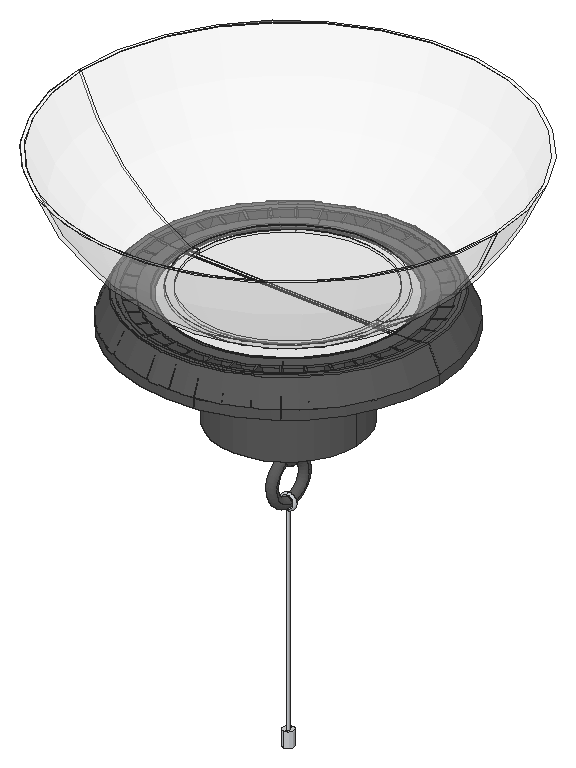
Revit family "0039366+0039358 Sylvania Lighting Fixture START HighBay IP65 DALI 19000lm 840 WB with PC LAMPSHADE TRANSPARENT 13 19KLM pendant", category Lighting Fixtures, host Face, Revit 2017
Family settings
  Host = Face
  Round Connector Dimension = Use Diameter
  Part Type = Normal
  OmniClass Number = 23.80.70.00
  OmniClass Title = Lighting
  Cut with Voids When Loaded = No
  Light Source = Yes
  Shared = No
  Room Calculation Point = No
Parameters (values of type "0039366+0039358 START HighBay IP65 DALI 19000lm 840 WB with PC LAMPSHADE TRANSPARENT 13/19KLM")
  WidthStraight_FEILO = if(SizeS_FEILO, 3 mm, if(SizeM_FEILO, 4 mm, 4.7 mm))  # 4 mm
  WidthRingChamfer_FEILO = if(SizeS_FEILO, 10.3 mm, if(SizeM_FEILO, 11.2 mm, 12.9 mm))  # 11.2 mm
  WidthCurved_FEILO = if(SizeS_FEILO, 17.4 mm, if(SizeM_FEILO, 16.4 mm, 26.2 mm))  # 16.4 mm
  WidthCurvedRing_FEILO = if(SizeS_FEILO, 3 mm, if(SizeM_FEILO, 4 mm, 4.7 mm))  # 4 mm
  WidthBracket_FEILO = 40 mm
  Weight = "3.4 kg"
  Wattage Comments = ""
  Wattage = 150 W
  WarrantyStartDate [instance] = "n/a"
  WarrantyGuarantorParts = "n/a"
  WarrantyDurationUnit = "n/a"
  WarrantyDurationParts = "n/a"
  WarrantyDescription = "n/a"
  built-in parameter 1150110 = 1 (stored number, unit not read)
  Voltage = 0 V
  VisibilityBracket_FEILO = no
  URL = "http://www.sylvania-lighting.com"
  TypeName = "START HighBay IP65 DALI 19000lm 840 WB with PC LAMPSHADE TRANSPARENT 13/19KLM"
  Type Image = <None>
  Type Comments = "n/a"
  built-in parameter 1114217 = 1 (stored number, unit not read)
  Tilt Angle = -90.00°
  ThicknessWall_FEILO = 1.5 mm
  ThicknessBracket_FEILO = 1.5 mm
  ThicknessBracketHalf_FEILO = ThicknessBracket_FEILO / 2  # 0.75 mm
  built-in parameter 1150109 = 1 (stored number, unit not read)
  built-in parameter 1150134 = 1
  SuspensionHeight_FEILO [instance] = 400 mm
  built-in parameter 1150113 = 1 (stored number, unit not read)
  SizeS_FEILO = no
  SizeM_FEILO = yes
  ShadeThickness_FEILO = 3 mm
  ShadeSizeSM_FEILO = or(SizeS_FEILO, SizeM_FEILO)  # yes
  ShadeRadiusOut_FEILO = 205 mm
  ShadeRadiusIn_FEILO = if(ShadeSizeSM_FEILO, 95 mm, 121 mm)  # 95 mm
  ShadeRadiusBend_FEILO = if(ShadeSizeSM_FEILO, 210 mm, 210 mm)  # 210 mm
  ShadeHeight_FEILO = if(ShadeSizeSM_FEILO, 120 mm, 151 mm)  # 120 mm
  SerialNumber [instance] = "n/a"
  Rib4_FEILO = if(SizeS_FEILO, 18.1 mm, if(SizeM_FEILO, 13.6 mm, 14.6 mm))  # 13.6 mm
  Rib3_FEILO = if(SizeS_FEILO, 15.3 mm, if(SizeM_FEILO, 17.6 mm, 20.2 mm))  # 17.6 mm
  Rib2_FEILO = if(SizeS_FEILO, 3.6 mm, if(SizeM_FEILO, 3.9 mm, 4.5 mm))  # 3.9 mm
  Rib1_FEILO = if(SizeS_FEILO, 15.1 mm, if(SizeM_FEILO, 16.5 mm, 19 mm))  # 16.5 mm
  RadiusDiffuser_FEILO = if(SizeS_FEILO, 95.2 mm, if(SizeM_FEILO, 105.3 mm, 120 mm))  # 105.3 mm
  RadiusArrayPost_FEILO = DriverRadius_FEILO - 6 mm  # 61.2 mm
  RHRadius3_FEILO = if(SizeS_FEILO, 6.6 mm, if(SizeM_FEILO, 7.4 mm, 8.6 mm))  # 7.4 mm
  RHRadius2_FEILO = if(SizeS_FEILO, 11 mm, if(SizeM_FEILO, 12 mm, 14 mm))  # 12 mm
  RHRadius1_FEILO = if(SizeS_FEILO, 13.6 mm, if(SizeM_FEILO, 14.9 mm, 17.7 mm))  # 14.9 mm
  RHHeight4_FEILO = if(SizeS_FEILO, 7.3 mm, if(SizeM_FEILO, 8 mm, 9.2 mm))  # 8 mm
  RHHeight3_FEILO = if(SizeS_FEILO, 3.6 mm, if(SizeM_FEILO, 3.7 mm, 4.6 mm))  # 3.7 mm
  RHHeight2_FEILO = if(SizeS_FEILO, 2 mm, if(SizeM_FEILO, 2.2 mm, 2.6 mm))  # 2.2 mm
  RHHeight1_FEILO = if(SizeS_FEILO, 11.8 mm, if(SizeM_FEILO, 15.3 mm, 17.4 mm))  # 15.3 mm
  Photometric Web File = "0039366+0039358.ies"
  Material_5_FEILO = Shade-Sylvania-StartHighbay-PC
  Material_3_FEILO = LED-Sylvania-StartHighbay-Glow
  PowerFactor = 0.95
  PowerConsumption = "150 W"
  NominalLength = 296 mm
  NominalHeight = 172 mm
  NominalDepth = 296 mm
  Name = "START HighBay IP65 DALI 19000lm 840 WB with PC LAMPSHADE TRANSPARENT 13/19KLM"
  ModelReference = Name  # "START HighBay IP65 DALI 19000lm 840 WB with PC LAMPSHADE TRANSPARENT 13/19KLM"
  ModelNumber = "0039366+0039358"
  Model = Name  # "START HighBay IP65 DALI 19000lm 840 WB with PC LAMPSHADE TRANSPARENT 13/19KLM"
  Material = "aluminium alloy housing, polycarbonate diffuser"
  ManufacturerName = "Feilo Sylvania"
  Manufacturer = "Feilo Sylvania"
  LuminousEfficacy = "130 lm/W"
  built-in parameter 1150105 = 26356.9 (stored number, unit not read)
  Lumens = 19500 lm
  LuminaireType = ""
  built-in parameter 1150115 = 1 (stored number, unit not read)
  LightOutputRatio = "n/a"
  built-in parameter 1150137 = (empty or 0)
  built-in parameter 1150139 = (empty or 0)
  LampsType = Lamp  # "LED"
  LampNominalLuminous = "19500 lm"
  LampMacAdamStep = "6"
  LampColourTemperature = "6500 K"
  LampColourRenderingIndex = "80"
  built-in parameter 1150112 = 1 (stored number, unit not read)
  built-in parameter 1150114 = 1 (stored number, unit not read)
  Lamp = "LED"
  Keynote = "16500"
  InstallationDate [instance] = "n/a"
  InputVoltage = "n/a"
  InputNominalFrequency = "50/60 Hz"
  built-in parameter 1150132 = (empty or 0)
  built-in parameter 1150102 = (empty or 0)
  built-in parameter 1150107 = 6500 (stored number, unit not read)
  built-in parameter 1150138 = (empty or 0)
  IngressProtection = "IP65"
  ImpactProtectionIndex = "IK08"
  built-in parameter 1150106 = 263.57 (stored number, unit not read)
  IfcExportType = "IfcLightFixtureType"
  IfcExportAs = "IfcLightFixtureType"
  HeightRing_FEILO = if(SizeS_FEILO, 19.8 mm, if(SizeM_FEILO, 32 mm, 36.8 mm))  # 32 mm
  HeightRingChamfer_FEILO = if(SizeS_FEILO, 11.7 mm, if(SizeM_FEILO, 23.2 mm, 26.6 mm))  # 23.2 mm
  EyeThickness_FEILO = if(SizeS_FEILO, 8.4 mm, if(SizeM_FEILO, 9.2 mm, 10.5 mm))  # 9.2 mm
  EyeThicknessHalf_FEILO = EyeThickness_FEILO / 2  # 4.6 mm
  EyeInner_FEILO = if(SizeS_FEILO, 13.8 mm, if(SizeM_FEILO, 15.1 mm, 17.3 mm))  # 15.1 mm
  ExpectedLife = 50000
  Emit from Circle Diameter = RadiusDiffuser_FEILO * 2  # 210.6 mm
  Emit Shape Visible in Rendering = no
  ElectricShockClassification = "Class I"
  built-in parameter 1150104 = 12.077 (stored number, unit not read)
  DurationUnit = "hours"
  DriverVerticalStraight_FEILO = if(SizeS_FEILO, 46.5 mm, if(SizeM_FEILO, 49.7 mm, 57 mm))  # 49.7 mm
  DriverVerticalChamfer_FEILO = if(SizeS_FEILO, 7.5 mm, if(SizeM_FEILO, 8.2 mm, 9.5 mm))  # 8.2 mm
  DriverRadius_FEILO = if(SizeS_FEILO, 61.4 mm, if(SizeM_FEILO, 67.2 mm, 76.4 mm))  # 67.2 mm
  DriverRadiusTop_FEILO = if(SizeS_FEILO, 42 mm, if(SizeM_FEILO, 45.3 mm, 52.4 mm))  # 45.3 mm
  DriverBottom_FEILO = if(SizeS_FEILO, 56 mm, if(SizeM_FEILO, 64.5 mm, 74 mm))  # 64.5 mm
  DocumentationLiterature = "http://www.sylvania-lighting.com/product/en-int/products/0039366"
  DimmingControlOptions = "Dimmable"
  Material_2_FEILO = Diffuser-Sylvania-StartHighbay-Transparent
  Radius_FEILO = if(SizeS_FEILO, 135 mm, if(SizeM_FEILO, 148 mm, 169.5 mm))  # 148 mm
  Dimming Lamp Color Temperature Shift = <None>
  DiameterWire_FEILO = 3 mm
  DiameterWireSupport_FEILO = 10 mm
  Description = "START Highbay, includes 1 m cables, black aluminium housing, 19,500 Lm, 150 W, 130 Lm/W, 6500 K, drive current: 3300 mA, CRI 80, 90° beam angle, DALI dimmable, IP65, IK08, 50,000 hrs (L80/B50), (D x H) 296 x 172 mm."
  Default Elevation = 1219.2 mm
  CreatedOn = "5/15/2018"
  CreatedBy = ""
  Cost = 0
  Color Filter = 16777215
  built-in parameter 1114216 [instance] = (empty or 0)
  ClassificationValue = "EF_70_80"
  ClassificationName = "Uniclass2015"
  Material_1_FEILO = Body-Sylvania-StartHighbay-Black
  BarCode [instance] = "n/a"
  built-in parameter 1114218 = 1 (stored number, unit not read)
  built-in parameter 1150133 = 10 (stored number, unit not read)
  AssetType = "Fixed"
  AssetIdentifier [instance] = "n/a"
  Assembly Code = "D5020200"
  Apparent Load = 150 VA
  Material_4_FEILO = Shade-Sylvania-StartHighbay-PC
Reference planes
  plane 1 "Center (Front/Back)": y = 0
  plane 2: z = 0
  plane 3 "Center (Left/Right)": x = 0
  plane 4: z = 400
  plane 5: x = -148
  plane 6: x = -136.8
  plane 7: z = 376.8
  plane 8: z = 368
  plane 9: x = -132.8
  plane 10: z = 397.375
  plane 11: x = -116.4
  plane 12: x = -105.3
  plane 13: x = -128.8
  plane 14: z = 398.375
  plane 15: z = 396.375
  plane 16: x = -102.3
  plane 17: z = 395.375
  plane 18: x = -146.5
  plane 19: x = -131.5
  plane 20: z = 364.1
  plane 21: x = -113.9
  plane 22: z = 350.5
  plane 23: x = -20
  plane 24: z = 335.5
  plane 25: x = -67.2
  plane 26: z = 285.8
  plane 27: x = -45.3
  plane 28: z = 277.6
  plane 29: x = -14.9
  plane 30: z = 262.3
  plane 31: z = 260.1
  plane 32: x = -12
  plane 33: z = 256.4
  plane 34: z = 248.4
  plane 35: x = -7.4
  plane 36: z = 233.3
  plane 37: z = 218.2
  plane 38: x = 4.6
  plane 39: x = -4.6
  plane 40: z = 209
  plane 41: z = 213.6
  plane 42: x = -141.65
  plane 43: x = -145.5
  plane 44: z = 366.5
  plane 45: x = -135.3
  plane 46: z = 310.65
  plane 47: y = -20
  plane 48: y = 20
  plane 49: x = 148
  plane 50: x = 136.8
  plane 51: x = 146.5
  plane 52: x = 141.65
  plane 53: x = 145.5
  plane 54: x = 135.3
  plane 55: z = 221.2
  plane 56: y = 1.5
  plane 57: y = -1.5
  plane 58: z = 219.7
  plane 59: z = 207.5
  plane 60: z = 206
  plane 61: y = -5
  plane 62: y = 5
  plane 63: z = 14
  plane 64: x = -205
  plane 65: z = 520
  plane 66: x = -95
  plane 67: x = -87
  plane 68: x = -202
  plane 69: z = 403
Forms (mm)
  Revolve 1, solid, material "Body-Sylvania-StartHighbay-Black" <- "Material_1_FEILO", detail levels medium+fine
    sketch origin (0, 0, 0) x (1, 0, 0) y (0, 0, 1)
      loop
        line (-148, 368) -> (-146.5, 368) -> (-146.5, 376.457) -> (-136.402, 397.375) -> (-128.8, 397.375) -> (-128.8, 398.859)
        arc (-128.8, 398.859) -> (-130.811, 399.39) -> (-132.8, 400) r 52.543
        line (-132.8, 400) -> (-136.341, 400)
        arc (-136.341, 400) -> (-136.831, 399.825) -> (-137.099, 399.38) r 0.774
        line (-137.099, 399.38) -> (-148, 376.8) -> (-148, 368)
      axis (0, 400) -> (0, 368)
    angle from 360 to 0
  Revolve 2, solid, material "Body-Sylvania-StartHighbay-Black" <- "Material_1_FEILO", detail levels medium+fine
    sketch origin (0, 0, 0) x (1, 0, 0) y (0, 0, 1)
      loop
        line (-116.4, 395.375) -> (-105.3, 395.375) -> (-105.3, 376.8) -> (0, 376.8) -> (0, 395.375) -> (-102.3, 395.375) -> (-102.3, 396.375) -> (-105.3, 396.375) -> (-105.3, 397.375) -> (-116.4, 397.375) -> (-116.4, 395.375)
      axis (0, 397.375) -> (0, 376.8)
    angle from 360 to 0
  Revolve 3, solid, material "Diffuser-Sylvania-StartHighbay-Transparent" <- "Material_2_FEILO", detail levels medium+fine
    sketch origin (0, 0, 0) x (1, 0, 0) y (0, 0, 1)
      loop
        line (-105.3, 396.375) -> (0, 396.375) -> (0, 398.375) -> (-105.3, 398.375) -> (-105.3, 396.375)
      axis (0, 398.375) -> (0, 396.375)
    angle from 360 to 0
  Revolve 4, solid, material "Body-Sylvania-StartHighbay-Black" <- "Material_1_FEILO"
    sketch origin (0, 0, 0) x (1, 0, 0) y (0, 0, 1)
      loop
        line (-67.2, 350.5) -> (-67.2, 285.8) -> (-45.3, 277.6) -> (-14.9, 277.6) -> (-14.9, 262.3) -> (-12, 260.1) -> (-12, 256.4) -> (-7.837, 249.126)
        arc (-7.837, 249.126) -> (-7.29, 248.594) -> (-6.553, 248.4) r 1.5
        line (-6.553, 248.4) -> (0, 248.4) -> (0, 350.5) -> (-67.2, 350.5)
      axis (0, 350.5) -> (0, 248.4)
    angle from 360 to 0
  Revolve 5, solid, material "Body-Sylvania-StartHighbay-Black" <- "Material_1_FEILO"
    sketch origin (0, 0, 0) x (1, 0, 0) y (0, 0, 1)
      loop
        circle (0, 213.6) r 4.6
      axis (4.6, 233.3) -> (-4.6, 233.3)
    angle from 360 to 0
  Extrusion 6, solid, material "Body-Sylvania-StartHighbay-Black" <- "Material_1_FEILO", visible <- "VisibilityBracket_FEILO"
    sketch origin (0, 0, 0) x (1, 0, 0) y (0, 0, 1)
      loop
        line (-145.5, 368) -> (-145.5, 366.5) -> (-137.55, 366.5)
        arc (-137.55, 366.5) -> (-137.02, 366.28) -> (-136.8, 365.75) r 0.75
        line (-136.8, 365.75) -> (-136.8, 310.65) -> (-135.3, 310.65) -> (-135.3, 366.5)
        arc (-135.3, 366.5) -> (-135.739, 367.561) -> (-136.8, 368) r 1.5
        line (-136.8, 368) -> (-145.5, 368)
      loop
        line (145.5, 368) -> (136.8, 368)
        arc (136.8, 368) -> (135.739, 367.561) -> (135.3, 366.5) r 1.5
        line (135.3, 366.5) -> (135.3, 310.65) -> (136.8, 310.65) -> (136.8, 365.75)
        arc (136.8, 365.75) -> (137.02, 366.28) -> (137.55, 366.5) r 0.75
        line (137.55, 366.5) -> (145.5, 366.5) -> (145.5, 368)
    from -20 to 20
  Extrusion 7, void
    sketch origin (0, 0, 0) x (0, 1, 0) y (0, 0, 1)
      loop
        arc (-10, 310.65) -> (-17.071, 313.579) -> (-20, 320.65) r 10
        line (-20, 320.65) -> (-25, 320.65) -> (-25, 305.65) -> (-10, 305.65) -> (-10, 310.65)
      loop
        line (10, 310.65) -> (10, 305.65) -> (25, 305.65) -> (25, 320.65) -> (20, 320.65)
        arc (20, 320.65) -> (17.071, 313.579) -> (10, 310.65) r 10
    from -136.8 to 136.8
  Revolve 8, solid, material "Body-Sylvania-StartHighbay-Black" <- "Material_1_FEILO", detail levels coarse
    sketch origin (0, 0, 0) x (1, 0, 0) y (0, 0, 1)
      loop
        line (0, 400) -> (-136.8, 400) -> (-148, 376.8) -> (-148, 368) -> (-131.5, 368) -> (-131.5, 364.1) -> (-113.9, 350.5) -> (0, 350.5) -> (0, 400)
      axis (0, 400) -> (0, 350.5)
    angle from 360 to 0
  Revolve 9, solid
    sketch origin (0, 0, 0) x (0, 1, 0) y (0, 0, 1)
      loop
        circle (0, 219.7) r 1.5
      axis (1.5, 213.6) -> (-1.5, 213.6)
    angle from 360 to 0
  Revolve 10, solid
    sketch origin (0, 0, 0) x (0, 1, 0) y (0, 0, 1)
      loop
        line (0, 0) -> (0, 207.5) -> (-1.5, 207.5) -> (-1.5, 14) -> (-5, 14) -> (-5, 0) -> (0, 0)
      axis (0, 0) -> (0, 207.5)
    angle from 360 to 0
  Revolve 11, solid, material "Shade-Sylvania-StartHighbay-PC" <- "Material_4_FEILO"
    sketch origin (0, 0, 0) x (1, 0, 0) y (0, 0, 1)
      loop
        line (-95, 400) -> (-87, 400) -> (-87, 403) -> (-94.341, 403)
        arc (-94.341, 403) -> (-159.747, 450.78) -> (-201.81, 520) r 207
        line (-201.81, 520) -> (-205, 520)
        arc (-205, 520) -> (-162.101, 448.908) -> (-95, 400) r 210
      axis (0, 520) -> (0, 400)
    angle from 360 to 0
Cuts and joins
  Extrusion 7 cuts Extrusion 6
Lines and regions (mm)
  reference lines
    curve 1: line (-148, 0, 376.8) -> (-136.8, 0, 400)
    curve 2: line (-116.4, 0, 397.375) -> (0, 0, 397.375)
    curve 3: arc (-116.4, 0, 397.375) -> (-124.704, 0, 398.035) -> (-132.8, 0, 400) r 52.543
    curve 4: line (-136.8, 0, 400) -> (-132.8, 0, 400)
    curve 5: line (-136.402, 0, 397.375) -> (-146.5, 0, 376.457)
    curve 6: line (-131.5, 0, 364.1) -> (-113.9, 0, 350.5)
    curve 7: line (-12, 0, 256.4) -> (-7.4, 0, 248.4)
    curve 8: circle (0, 0, 213.6) r 4.6 normal (0, -1, 0)
    curve 9: arc (-95, 0, 400) -> (-162.101, 0, 448.908) -> (-205, 0, 520) r 210
Dimensions and locks
  "Radius_FEILO": plane 3 "Center (Left/Right)" to plane 5
  "WidthRingChamfer_FEILO": plane 6 to plane 5
  "WidthStraight_FEILO": plane 9 to plane 6
  "WidthCurvedRing_FEILO": plane 13 to plane 9
  locked: plane 10 to plane 15 at 1
  locked: plane 14 to plane 10 at 1
  locked: plane 4 to plane 10 at 2.625
  locked: plane 15 to plane 17 at 1
  "ThicknessWall_FEILO": plane 18 to plane 5
  "ThicknessWall_FEILO": curve 5 to curve 1
  "HeightRingChamfer_FEILO": plane 4 to plane 7
  "HeightRing_FEILO": plane 4 to plane 8
  "RadiusDiffuser_FEILO": plane 3 "Center (Left/Right)" to plane 12
  locked: plane 16 to plane 12 at 3
  "WidthCurved_FEILO": plane 11 to plane 9
  "SuspensionHeight_FEILO": plane 4 to plane 2
  "Rib1_FEILO": plane 19 to plane 5
  "Rib2_FEILO": plane 8 to plane 20
  "Rib3_FEILO": plane 21 to plane 19
  "Rib4_FEILO": plane 20 to plane 22
  locked: plane 3 "Center (Left/Right)" to plane 23 at 20
  "DriverBottom_FEILO": plane 4 to plane 24
  "DriverRadius_FEILO": plane 3 "Center (Left/Right)" to plane 25
  "DriverVerticalStraight_FEILO": plane 24 to plane 26
  "DriverRadiusTop_FEILO": plane 3 "Center (Left/Right)" to plane 27
  "DriverVerticalChamfer_FEILO": plane 26 to plane 28
  "RHRadius1_FEILO": plane 3 "Center (Left/Right)" to plane 29
  "RHHeight2_FEILO": plane 30 to plane 31
  "RHRadius2_FEILO": plane 3 "Center (Left/Right)" to plane 32
  "RHHeight3_FEILO": plane 31 to plane 33
  "RHHeight4_FEILO": plane 33 to plane 34
  "RHRadius3_FEILO": plane 3 "Center (Left/Right)" to plane 35
  "RHHeight1_FEILO": plane 28 to plane 30
  "EyeInner_FEILO": plane 34 to plane 36
  "EyeInner_FEILO": plane 36 to plane 37
  equal spacing: plane 38, plane 3 "Center (Left/Right)", plane 39
  "EyeThickness_FEILO": plane 38 to plane 39
  "EyeThickness_FEILO": plane 37 to plane 40
  equal spacing: plane 37, plane 41, plane 40
  equal spacing: plane 6, plane 42, plane 18
  "ThicknessBracket_FEILO": plane 45 to plane 6
  "ThicknessBracket_FEILO": plane 8 to plane 44
  locked: plane 43 to plane 18 at 1
  equal spacing: plane 24, plane 46, plane 26
  equal spacing: plane 47, plane 1 "Center (Front/Back)", plane 48
  "WidthBracket_FEILO": plane 47 to plane 48
  "WidthRingChamfer_FEILO": plane 50 to plane 49
  "ThicknessWall_FEILO": plane 51 to plane 49
  equal spacing: plane 50, plane 52, plane 51
  "ThicknessBracket_FEILO": plane 54 to plane 50
  locked: plane 53 to plane 51 at 1
  "Radius_FEILO": plane 49 to plane 3 "Center (Left/Right)"
  equal spacing: plane 57, imposter light, plane 56
  "DiameterWire_FEILO": plane 57 to plane 56
  "DiameterWire_FEILO": plane 37 to plane 55
  equal spacing: plane 37, plane 58, plane 55
  "DiameterWire_FEILO": plane 60 to plane 40
  equal spacing: plane 60, plane 59, plane 40
  equal spacing: plane 61, plane 1 "Center (Front/Back)", plane 62
  "DiameterWireSupport_FEILO": plane 61 to plane 62
  locked: plane 63 to plane 2 at 14
  "ShadeRadiusOut_FEILO": plane 3 "Center (Left/Right)" to plane 64
  "ShadeHeight_FEILO": plane 65 to plane 4
  "ShadeRadiusIn_FEILO": plane 3 "Center (Left/Right)" to plane 66
  locked: plane 67 to plane 66 at 8
  "ShadeThickness_FEILO": plane 69 to plane 4
  "ShadeThickness_FEILO": plane 68 to plane 64
  "EyeThicknessHalf_FEILO": radius of curve 8
  "ThicknessBracket_FEILO": radius of Extrusion 6 sketch curve  (x2)
  "ThicknessBracketHalf_FEILO": radius of Extrusion 6 sketch curve  (x2)
  "DiameterWire_FEILO": diameter of Revolve 9 sketch curve
  "ShadeRadiusBend_FEILO": radius of curve 9
  aligned and locked: plane 2 to host face
  aligned and locked: level to host face
  aligned and locked: plane 5 to curve 1
  aligned and locked: plane 6 to curve 1
  aligned and locked: plane 7 to curve 1
  aligned and locked: plane 10 to curve 2
  aligned and locked: plane 9 to curve 3
  aligned and locked: plane 4 to curve 3
  aligned and locked: plane 11 to curve 3
  aligned and locked: plane 4 to curve 4
  aligned and locked: plane 18 to curve 5
  aligned and locked: plane 10 to curve 5
  aligned and locked: Revolve 1 sketch curve to plane 3 "Center (Left/Right)"
  aligned and locked: Revolve 1 sketch curve to curve 3
  aligned and locked: Revolve 1 sketch curve to curve 1
  aligned and locked: plane 4 to Revolve 1 sketch curve
  aligned and locked: plane 9 to Revolve 1 sketch curve
  aligned and locked: Revolve 1 sketch curve to plane 13
  aligned and locked: Revolve 1 sketch curve to plane 10
  aligned and locked: plane 13 to Revolve 1 sketch curve
  aligned and locked: plane 10 to Revolve 1 sketch curve
  aligned and locked: Revolve 1 sketch curve to plane 18
  aligned and locked: Revolve 1 sketch curve to plane 8
  aligned and locked: plane 5 to Revolve 1 sketch curve  (x2)
  aligned and locked: Revolve 2 sketch curve to plane 3 "Center (Left/Right)"
  aligned and locked: plane 11 to Revolve 2 sketch curve
  aligned and locked: Revolve 2 sketch curve to curve 2
  aligned and locked: plane 15 to Revolve 2 sketch curve
  aligned and locked: Revolve 2 sketch curve to plane 16
  aligned and locked: plane 17 to Revolve 2 sketch curve  (x2)
  aligned and locked: Revolve 2 sketch curve to plane 12
  aligned and locked: plane 7 to Revolve 2 sketch curve
  aligned and locked: Revolve 3 sketch curve to plane 3 "Center (Left/Right)"
  aligned and locked: Revolve 3 sketch curve to plane 14
  aligned and locked: plane 3 "Center (Left/Right)" to Revolve 3 sketch curve
  aligned and locked: Revolve 3 sketch curve to plane 12
  aligned and locked: plane 15 to Revolve 3 sketch curve
  aligned and locked: Revolve 1 sketch curve to curve 5
  aligned and locked: plane 22 to curve 6
  aligned and locked: plane 21 to curve 6
  aligned and locked: plane 20 to curve 6
  aligned and locked: plane 19 to curve 6
  aligned and locked: plane 33 to curve 7
  aligned and locked: plane 32 to curve 7
  aligned and locked: plane 35 to curve 7
  aligned and locked: plane 34 to curve 7
  aligned and locked: Revolve 4 sketch curve to plane 3 "Center (Left/Right)"
  aligned and locked: Revolve 4 sketch curve to plane 25
  aligned and locked: plane 27 to Revolve 4 sketch curve
  aligned and locked: plane 28 to Revolve 4 sketch curve
  aligned and locked: plane 30 to Revolve 4 sketch curve
  aligned and locked: Revolve 4 sketch curve to plane 29
  aligned and locked: plane 31 to Revolve 4 sketch curve
  aligned and locked: Revolve 4 sketch curve to curve 7
  aligned and locked: Revolve 4 sketch curve to plane 32
  aligned and locked: plane 34 to Revolve 4 sketch curve
  aligned and locked: plane 3 "Center (Left/Right)" to Revolve 4 sketch curve
  aligned and locked: plane 3 "Center (Left/Right)" to curve 8
  aligned and locked: plane 41 to curve 8
  aligned and locked: Revolve 5 sketch curve to plane 36
  aligned and locked: Revolve 5 sketch curve to curve 8
  aligned and locked: plane 43 to Extrusion 6 sketch curve  (x2)
  aligned and locked: plane 8 to Extrusion 6 sketch curve  (x3)
  aligned and locked: Extrusion 6 sketch curve to plane 45
  aligned and locked: Extrusion 6 sketch curve to plane 46  (x2)
  aligned and locked: plane 6 to Extrusion 6 sketch curve
  aligned and locked: Extrusion 6 sketch curve to plane 44  (x2)
  aligned and locked: Extrusion 6 to plane 48
  aligned and locked: plane 47 to Extrusion 6
  aligned and locked: plane 53 to Extrusion 6 sketch curve
  aligned and locked: plane 50 to Extrusion 6 sketch curve
  aligned and locked: Extrusion 6 sketch curve to plane 54
  aligned and locked: Extrusion 7 sketch curve to Extrusion 7 sketch curve
  aligned and locked: Extrusion 7 to plane 6
  aligned and locked: Extrusion 7 to Extrusion 6
  aligned and locked: Revolve 4 sketch curve to plane 22
  aligned and locked: plane 23 to nested 1
  aligned and locked: plane 1 "Center (Front/Back)" to nested 1
  aligned and locked: Revolve 8 sketch curve to plane 3 "Center (Left/Right)"
  aligned and locked: Revolve 8 sketch curve to plane 4
  aligned and locked: plane 6 to Revolve 8 sketch curve
  aligned and locked: plane 4 to Revolve 8 sketch curve
  aligned and locked: plane 7 to Revolve 8 sketch curve
  aligned and locked: Revolve 8 sketch curve to plane 5
  aligned and locked: plane 8 to Revolve 8 sketch curve  (x2)
  aligned and locked: Revolve 8 sketch curve to plane 19
  aligned and locked: plane 20 to Revolve 8 sketch curve
  aligned and locked: plane 19 to Revolve 8 sketch curve
  aligned and locked: plane 21 to Revolve 8 sketch curve
  aligned and locked: plane 22 to Revolve 8 sketch curve  (x2)
  aligned and locked: Revolve 8 sketch curve to Revolve 8 sketch curve
  aligned and locked: imposter light to plane 4
  aligned and locked: plane 3 "Center (Left/Right)" to imposter light
  aligned and locked: imposter light to plane 1 "Center (Front/Back)"
  aligned and locked: Revolve 9 sketch curve to plane 41
  aligned and locked: Revolve 10 sketch curve to plane 1 "Center (Front/Back)"
  aligned and locked: plane 1 "Center (Front/Back)" to Revolve 10 sketch curve  (x2)
  aligned and locked: host face to Revolve 10 sketch curve
  aligned and locked: plane 63 to Revolve 10 sketch curve
  aligned and locked: Revolve 10 sketch curve to plane 61
  aligned and locked: Revolve 10 sketch curve to plane 57
  aligned and locked: plane 59 to Revolve 10 sketch curve
  aligned and locked: plane 64 to curve 9
  aligned and locked: plane 65 to curve 9
  aligned and locked: plane 66 to curve 9
  aligned and locked: plane 4 to curve 9
  aligned and locked: Revolve 11 sketch curve to curve 9
  aligned and locked: plane 67 to Revolve 11 sketch curve
  aligned and locked: plane 66 to Revolve 11 sketch curve
  aligned and locked: plane 65 to Revolve 11 sketch curve  (x2)
  aligned and locked: Revolve 11 sketch curve to plane 67
  aligned and locked: plane 69 to Revolve 11 sketch curve
Automatic sketch dimensions
  host sketch curve to host sketch curve = 2438.4 mm  (x2)
  Revolve 1 sketch curve to plane 6 = 0.299 mm
  plane 6 to Revolve 1 sketch curve = 0.459 mm
  Revolve 1 sketch curve to level = 609.6 mm
  Revolve 1 sketch curve to Revolve 1 sketch curve = 2312.223 mm
  Revolve 2 sketch curve to plane 12 = 0 mm
  Revolve 2 sketch curve to plane 3 "Center (Left/Right)" = 0 mm
  Revolve 2 sketch curve to level = 609.6 mm
  Revolve 2 sketch curve to plane 4 = 2339.058 mm
  Revolve 3 sketch curve to level = 609.6 mm
  Revolve 3 sketch curve to plane 4 = 2339.058 mm
  Revolve 5 sketch curve to plane 5 = 1080 mm
  plane 38 to Revolve 5 sketch curve = 1219.2 mm
  Extrusion 7 sketch curve to plane 47 = 0 mm
  plane 46 to Extrusion 7 sketch curve = 0 mm  (x2)
  Extrusion 7 sketch curve to plane 48 = 0 mm
  plane 47 to Extrusion 7 sketch curve = 5 mm
  plane 1 "Center (Front/Back)" to Extrusion 7 sketch curve = 10 mm
  Extrusion 7 sketch curve to Extrusion 7 sketch curve = 10 mm
  plane 46 to Extrusion 7 sketch curve = 5 mm
  Extrusion 7 sketch curve to Extrusion 7 sketch curve = 5 mm
  Extrusion 7 sketch curve to plane 48 = 5 mm
  Revolve 4 sketch curve to plane 26 = 0 mm
  Revolve 4 sketch curve to plane 35 = 0.437 mm
  plane 35 to Revolve 4 sketch curve = 0.847 mm
  Revolve 4 sketch curve to plane 34 = 0.726 mm
  plane 40 to Revolve 4 sketch curve = 590.2 mm
  Revolve 4 sketch curve to plane 4 = 2339.058 mm
  Revolve 8 sketch curve to level = 609.6 mm
  Revolve 8 sketch curve to Revolve 8 sketch curve = 2386.058 mm
  Revolve 9 sketch curve to plane 1 "Center (Front/Back)" = 0 mm
  plane 58 to Revolve 9 sketch curve = 0 mm
  plane 47 to Revolve 9 sketch curve = 2534.941 mm
  Revolve 9 sketch curve to plane 48 = 2077.409 mm
  Revolve 10 sketch curve to Revolve 10 sketch curve = 609.6 mm
  Revolve 10 sketch curve to plane 4 = 2123.807 mm
  curve 2 to plane 3 "Center (Left/Right)" = 0 mm
  Revolve 11 sketch curve to Revolve 11 sketch curve = 0 mm  (x2)
  Revolve 11 sketch curve to plane 3 "Center (Left/Right)" = 0 mm
  plane 66 to Revolve 11 sketch curve = 0.659 mm
  Revolve 11 sketch curve to level = 609.6 mm
  Revolve 11 sketch curve to Revolve 11 sketch curve = 2068.248 mm
Nested families
  nested 1: "Start Highbay Rib" at (0, 0, 397.375), type "Type Name", detail levels medium+fine
    with SuspensionHeight_FEILO 2.6 mm
  nested 2: "Start Highbay Rib" at (0, 0, 397.375) x (0.9877, 0.1564, 0) z (0, 0, 1), type "Type Name", detail levels medium+fine
    with SuspensionHeight_FEILO 2.6 mm
  nested 3: "Start Highbay Rib" at (0, 0, 397.375) x (0.9511, 0.309, 0) z (0, 0, 1), type "Type Name", detail levels medium+fine
    with SuspensionHeight_FEILO 2.6 mm
  nested 4: "Start Highbay Rib" at (0, 0, 397.375) x (0.891, 0.454, 0) z (0, 0, 1), type "Type Name", detail levels medium+fine
    with SuspensionHeight_FEILO 2.6 mm
  nested 5: "Start Highbay Rib" at (0, 0, 397.375) x (0.809, 0.5878, 0) z (0, 0, 1), type "Type Name", detail levels medium+fine
    with SuspensionHeight_FEILO 2.6 mm
  nested 6: "Start Highbay Rib" at (0, 0, 397.375) x (0.7071, 0.7071, 0) z (0, 0, 1), type "Type Name", detail levels medium+fine
    with SuspensionHeight_FEILO 2.6 mm
  nested 7: "Start Highbay Rib" at (0, 0, 397.375) x (0.5878, 0.809, 0) z (0, 0, 1), type "Type Name", detail levels medium+fine
    with SuspensionHeight_FEILO 2.6 mm
  nested 8: "Start Highbay Rib" at (0, 0, 397.375) x (0.454, 0.891, 0) z (0, 0, 1), type "Type Name", detail levels medium+fine
    with SuspensionHeight_FEILO 2.6 mm
  nested 9: "Start Highbay Rib" at (0, 0, 397.375) x (0.309, 0.9511, 0) z (0, 0, 1), type "Type Name", detail levels medium+fine
    with SuspensionHeight_FEILO 2.6 mm
  nested 10: "Start Highbay Rib" at (0, 0, 397.375) x (0.1564, 0.9877, 0) z (0, 0, 1), type "Type Name", detail levels medium+fine
    with SuspensionHeight_FEILO 2.6 mm
  nested 11: "Start Highbay Rib" at (0, 0, 397.375) x (0, 1, 0) z (0, 0, 1), type "Type Name", detail levels medium+fine
    with SuspensionHeight_FEILO 2.6 mm
  nested 12: "Start Highbay Rib" at (0, 0, 397.375) x (-0.1564, 0.9877, 0) z (0, 0, 1), type "Type Name", detail levels medium+fine
    with SuspensionHeight_FEILO 2.6 mm
  nested 13: "Start Highbay Rib" at (0, 0, 397.375) x (-0.309, 0.9511, 0) z (0, 0, 1), type "Type Name", detail levels medium+fine
    with SuspensionHeight_FEILO 2.6 mm
  nested 14: "Start Highbay Rib" at (0, 0, 397.375) x (-0.454, 0.891, 0) z (0, 0, 1), type "Type Name", detail levels medium+fine
    with SuspensionHeight_FEILO 2.6 mm
  nested 15: "Start Highbay Rib" at (0, 0, 397.375) x (-0.5878, 0.809, 0) z (0, 0, 1), type "Type Name", detail levels medium+fine
    with SuspensionHeight_FEILO 2.6 mm
  nested 16: "Start Highbay Rib" at (0, 0, 397.375) x (-0.7071, 0.7071, 0) z (0, 0, 1), type "Type Name", detail levels medium+fine
    with SuspensionHeight_FEILO 2.6 mm
  nested 17: "Start Highbay Rib" at (0, 0, 397.375) x (-0.809, 0.5878, 0) z (0, 0, 1), type "Type Name", detail levels medium+fine
    with SuspensionHeight_FEILO 2.6 mm
  nested 18: "Start Highbay Rib" at (0, 0, 397.375) x (-0.891, 0.454, 0) z (0, 0, 1), type "Type Name", detail levels medium+fine
    with SuspensionHeight_FEILO 2.6 mm
  nested 19: "Start Highbay Rib" at (0, 0, 397.375) x (-0.9511, 0.309, 0) z (0, 0, 1), type "Type Name", detail levels medium+fine
    with SuspensionHeight_FEILO 2.6 mm
  nested 20: "Start Highbay Rib" at (0, 0, 397.375) x (-0.9877, 0.1564, 0) z (0, 0, 1), type "Type Name", detail levels medium+fine
    with SuspensionHeight_FEILO 2.6 mm
  nested 21: "Start Highbay Rib" at (0, 0, 397.375) x (-1, 0, 0) z (0, 0, 1), type "Type Name", detail levels medium+fine
    with SuspensionHeight_FEILO 2.6 mm
  nested 22: "Start Highbay Rib" at (0, 0, 397.375) x (-0.9877, -0.1564, 0) z (0, 0, 1), type "Type Name", detail levels medium+fine
    with SuspensionHeight_FEILO 2.6 mm
  nested 23: "Start Highbay Rib" at (0, 0, 397.375) x (-0.9511, -0.309, 0) z (0, 0, 1), type "Type Name", detail levels medium+fine
    with SuspensionHeight_FEILO 2.6 mm
  nested 24: "Start Highbay Rib" at (0, 0, 397.375) x (-0.891, -0.454, 0) z (0, 0, 1), type "Type Name", detail levels medium+fine
    with SuspensionHeight_FEILO 2.6 mm
  nested 25: "Start Highbay Rib" at (0, 0, 397.375) x (-0.809, -0.5878, 0) z (0, 0, 1), type "Type Name", detail levels medium+fine
    with SuspensionHeight_FEILO 2.6 mm
  nested 26: "Start Highbay Rib" at (0, 0, 397.375) x (-0.7071, -0.7071, 0) z (0, 0, 1), type "Type Name", detail levels medium+fine
    with SuspensionHeight_FEILO 2.6 mm
  nested 27: "Start Highbay Rib" at (0, 0, 397.375) x (-0.5878, -0.809, 0) z (0, 0, 1), type "Type Name", detail levels medium+fine
    with SuspensionHeight_FEILO 2.6 mm
  nested 28: "Start Highbay Rib" at (0, 0, 397.375) x (-0.454, -0.891, 0) z (0, 0, 1), type "Type Name", detail levels medium+fine
    with SuspensionHeight_FEILO 2.6 mm
  nested 29: "Start Highbay Rib" at (0, 0, 397.375) x (-0.309, -0.9511, 0) z (0, 0, 1), type "Type Name", detail levels medium+fine
    with SuspensionHeight_FEILO 2.6 mm
  nested 30: "Start Highbay Rib" at (0, 0, 397.375) x (-0.1564, -0.9877, 0) z (0, 0, 1), type "Type Name", detail levels medium+fine
    with SuspensionHeight_FEILO 2.6 mm
  nested 31: "Start Highbay Rib" at (0, 0, 397.375) x (0, -1, 0) z (0, 0, 1), type "Type Name", detail levels medium+fine
    with SuspensionHeight_FEILO 2.6 mm
  nested 32: "Start Highbay Rib" at (0, 0, 397.375) x (0.1564, -0.9877, 0) z (0, 0, 1), type "Type Name", detail levels medium+fine
    with SuspensionHeight_FEILO 2.6 mm
  nested 33: "Start Highbay Rib" at (0, 0, 397.375) x (0.309, -0.9511, 0) z (0, 0, 1), type "Type Name", detail levels medium+fine
    with SuspensionHeight_FEILO 2.6 mm
  nested 34: "Start Highbay Rib" at (0, 0, 397.375) x (0.454, -0.891, 0) z (0, 0, 1), type "Type Name", detail levels medium+fine
    with SuspensionHeight_FEILO 2.6 mm
  nested 35: "Start Highbay Rib" at (0, 0, 397.375) x (0.5878, -0.809, 0) z (0, 0, 1), type "Type Name", detail levels medium+fine
    with SuspensionHeight_FEILO 2.6 mm
  nested 36: "Start Highbay Rib" at (0, 0, 397.375) x (0.7071, -0.7071, 0) z (0, 0, 1), type "Type Name", detail levels medium+fine
    with SuspensionHeight_FEILO 2.6 mm
  nested 37: "Start Highbay Rib" at (0, 0, 397.375) x (0.809, -0.5878, 0) z (0, 0, 1), type "Type Name", detail levels medium+fine
    with SuspensionHeight_FEILO 2.6 mm
  nested 38: "Start Highbay Rib" at (0, 0, 397.375) x (0.891, -0.454, 0) z (0, 0, 1), type "Type Name", detail levels medium+fine
    with SuspensionHeight_FEILO 2.6 mm
  nested 39: "Start Highbay Rib" at (0, 0, 397.375) x (0.9511, -0.309, 0) z (0, 0, 1), type "Type Name", detail levels medium+fine
    with SuspensionHeight_FEILO 2.6 mm
  nested 40: "Start Highbay Rib" at (0, 0, 397.375) x (0.9877, -0.1564, 0) z (0, 0, 1), type "Type Name", detail levels medium+fine
    with SuspensionHeight_FEILO 2.6 mm
Connectors
  electrical at (0, 0, 0), driven by "Apparent Load", driven by "PowerFactor", driven by "Voltage"
    settings: index 1, voltage 0 V, apparent load 150 VA, apparent load phase1 0 VA, apparent load phase2 0 VA, apparent load phase3 0 VA, power factor 0.95, load classification "Lighting", number of poles 1, system type 30, power factor state 1, is connector primary yes, connector utility no, sub classification motor no, connector description ""
Definition of nested family "Start Highbay Rib"
  Parameters (values of type "Type Name")
    WidthStraight_FEILO = if(SizeS_FEILO, 3 mm, if(SizeM_FEILO, 4 mm, 4.7 mm))  # 3 mm
    WidthRingChamfer_FEILO = if(SizeS_FEILO, 10.3 mm, if(SizeM_FEILO, 11.2 mm, 12.9 mm))  # 10.3 mm
    WidthCurved_FEILO = if(SizeS_FEILO, 17.4 mm, if(SizeM_FEILO, 16.4 mm, 26.2 mm))  # 17.4 mm
    WidthCurvedRing_FEILO = if(SizeS_FEILO, 3 mm, if(SizeM_FEILO, 4 mm, 4.7 mm))  # 3 mm
    WidthBracket_FEILO = 40 mm
    URL = "http://www.feilosylvania.com"
    Type Image = (empty or 0)
    Type Comments = "n/a"
    ThicknessWall_FEILO = 1.5 mm
    ThicknessBracket_FEILO = 1.5 mm
    ThicknessBracketHalf_FEILO = ThicknessBracket_FEILO / 2  # 0.75 mm
    SuspensionHeight_FEILO [instance] = 2.6 mm
    SizeS_FEILO = yes
    SizeM_FEILO = no
    Rib4_FEILO = if(SizeS_FEILO, 18.1 mm, if(SizeM_FEILO, 13.6 mm, 14.6 mm))  # 18.1 mm
    Rib3_FEILO = if(SizeS_FEILO, 15.3 mm, if(SizeM_FEILO, 17.6 mm, 20.2 mm))  # 15.3 mm
    Rib2_FEILO = if(SizeS_FEILO, 3.6 mm, if(SizeM_FEILO, 3.9 mm, 4.5 mm))  # 3.6 mm
    Rib1_FEILO = if(SizeS_FEILO, 15.1 mm, if(SizeM_FEILO, 16.5 mm, 19 mm))  # 15.1 mm
    RadiusRib_FEILO = 2 mm
    RadiusDiffuser_FEILO = if(SizeS_FEILO, 95.2 mm, if(SizeM_FEILO, 105.3 mm, 120 mm))  # 95.2 mm
    RHRadius3_FEILO = if(SizeS_FEILO, 6.6 mm, if(SizeM_FEILO, 7.4 mm, 8.6 mm))  # 6.6 mm
    RHRadius2_FEILO = if(SizeS_FEILO, 11 mm, if(SizeM_FEILO, 12 mm, 14 mm))  # 11 mm
    RHRadius1_FEILO = if(SizeS_FEILO, 13.6 mm, if(SizeM_FEILO, 14.9 mm, 17.7 mm))  # 13.6 mm
    RHHeight4_FEILO = if(SizeS_FEILO, 7.3 mm, if(SizeM_FEILO, 8 mm, 9.2 mm))  # 7.3 mm
    RHHeight3_FEILO = if(SizeS_FEILO, 3.6 mm, if(SizeM_FEILO, 3.7 mm, 4.6 mm))  # 3.6 mm
    RHHeight2_FEILO = if(SizeS_FEILO, 2 mm, if(SizeM_FEILO, 2.2 mm, 2.6 mm))  # 2 mm
    RHHeight1_FEILO = if(SizeS_FEILO, 11.8 mm, if(SizeM_FEILO, 15.3 mm, 17.4 mm))  # 11.8 mm
    Material_3_FEILO = none
    Model = ""
    Manufacturer = "Feilo Sylvania"
    Keynote = "16500"
    HeightRing_FEILO = if(SizeS_FEILO, 19.8 mm, if(SizeM_FEILO, 32 mm, 36.8 mm))  # 19.8 mm
    HeightRingChamfer_FEILO = if(SizeS_FEILO, 11.7 mm, if(SizeM_FEILO, 23.2 mm, 26.6 mm))  # 11.7 mm
    EyeThickness_FEILO = if(SizeS_FEILO, 8.4 mm, if(SizeM_FEILO, 9.2 mm, 10.5 mm))  # 8.4 mm
    EyeThicknessHalf_FEILO = EyeThickness_FEILO / 2  # 4.2 mm
    EyeInner_FEILO = if(SizeS_FEILO, 13.8 mm, if(SizeM_FEILO, 15.1 mm, 17.3 mm))  # 13.8 mm
    DriverVerticalStraight_FEILO = if(SizeS_FEILO, 46.5 mm, if(SizeM_FEILO, 49.7 mm, 57 mm))  # 46.5 mm
    DriverVerticalChamfer_FEILO = if(SizeS_FEILO, 7.5 mm, if(SizeM_FEILO, 8.2 mm, 9.5 mm))  # 7.5 mm
    DriverRadius_FEILO = if(SizeS_FEILO, 61.4 mm, if(SizeM_FEILO, 67.2 mm, 76.4 mm))  # 61.4 mm
    DriverRadiusTop_FEILO = if(SizeS_FEILO, 42 mm, if(SizeM_FEILO, 45.3 mm, 52.4 mm))  # 42 mm
    DriverBottom_FEILO = if(SizeS_FEILO, 56 mm, if(SizeM_FEILO, 64.5 mm, 74 mm))  # 56 mm
    Material_2_FEILO = none
    Radius_FEILO = if(SizeS_FEILO, 135 mm, if(SizeM_FEILO, 148 mm, 169.5 mm))  # 135 mm
    Description = ""
    Default Elevation = 1219.2 mm
    Cost = 0
    Material_1_FEILO = none
    Assembly Code = "D5020200"
    Material_4_FEILO = none
  Reference planes
    plane 1 "Center (Front/Back)": y = 0
    plane 2: z = 0
    plane 3 "Center (Left/Right)": x = 0
    plane 4: z = 2.6
    plane 5: x = -135
    plane 6: x = -124.7
    plane 7: z = -9.1
    plane 8: z = -17.2
    plane 9: x = -121.7
    plane 10: z = -0.025
    plane 11: x = -104.3
    plane 12: x = -95.2
    plane 13: x = -118.7
    plane 14: z = 0.975
    plane 15: z = -1.025
    plane 16: x = -92.2
    plane 17: z = -2.025
    plane 18: x = -133.5
    plane 19: x = -119.9
    plane 20: z = -20.8
    plane 21: x = -104.6
    plane 22: z = -38.9
    plane 23: x = -20
    plane 24: z = -53.4
    plane 25: x = -61.4
    plane 26: z = -99.9
    plane 27: x = -42
    plane 28: z = -107.4
    plane 29: x = -13.6
    plane 30: z = -119.2
    plane 31: z = -121.2
    plane 32: x = -11
    plane 33: z = -124.8
    plane 34: z = -132.1
    plane 35: x = -6.6
    plane 36: z = -145.9
    plane 37: z = -159.7
    plane 38: x = 4.2
    plane 39: x = -4.2
    plane 40: z = -168.1
    plane 41: z = -163.9
    plane 42: x = -129.1
    plane 43: x = -132.5
    plane 44: z = -18.7
    plane 45: x = -123.2
    plane 46: z = -76.65
    plane 47: y = -20
    plane 48: y = 20
    plane 49: x = 135
    plane 50: x = 124.7
    plane 51: x = 133.5
    plane 52: x = 129.1
    plane 53: x = 132.5
    plane 54: x = 123.2
    plane 55: y = 0.75
    plane 56: y = -0.75
  Forms (mm)
    Extrusion 1, solid
      sketch origin (4.2, 0, 0) x (1, 0, 0) y (0, 1, 0)
        loop
          line (-1219.2, 1219.2) -> (-1219.2, -1219.2) -> (1219.2, -1219.2) -> (1219.2, 1219.2) -> (-1219.2, 1219.2)
      from 0 to -68.017
    Extrusion 2, solid, material <- "Material_1_FEILO"
      sketch origin (0, 0, 0) x (1, 0, 0) y (0, 0, 1)
        loop
          arc (-104.3, -0.025) -> (-111.555, 0.423) -> (-118.7, 1.76) r 58.981
          line (-118.7, 1.76) -> (-118.7, -0.025) -> (-125.012, -0.025) -> (-133.5, -9.666) -> (-133.5, -17.2) -> (-119.9, -17.2) -> (-119.9, -20.068)
          arc (-119.9, -20.068) -> (-119.778, -20.755) -> (-119.427, -21.359) r 2
          line (-119.427, -21.359) -> (-104.966, -38.467)
          arc (-104.966, -38.467) -> (-104.381, -38.789) -> (-103.723, -38.9) r 2
          line (-103.723, -38.9) -> (-20, -38.9) -> (-20, -9.1) -> (-95.2, -9.1) -> (-95.2, -2.025) -> (-104.3, -2.025) -> (-104.3, -0.025)
      from -0.75 to 0.75
  Lines and regions (mm)
    reference lines
      curve 1: line (-135, 0, -9.1) -> (-124.7, 0, 2.6)
      curve 2: line (-104.3, 0, -0.025) -> (0, 0, -0.025)
      curve 3: arc (-104.3, 0, -0.025) -> (-113.098, 0, 0.635) -> (-121.7, 0, 2.6) r 58.981
      curve 4: line (-124.7, 0, 2.6) -> (-121.7, 0, 2.6)
      curve 5: line (-125.012, 0, -0.025) -> (-133.5, 0, -9.666)
      curve 6: line (-119.9, 0, -20.8) -> (-104.6, 0, -38.9)
  Dimensions and locks
    "Radius_FEILO": plane 3 "Center (Left/Right)" to plane 5
    "WidthRingChamfer_FEILO": plane 6 to plane 5
    "WidthStraight_FEILO": plane 9 to plane 6
    "WidthCurvedRing_FEILO": plane 13 to plane 9
    locked: plane 10 to plane 15 at 1
    locked: plane 14 to plane 10 at 1
    locked: plane 4 to plane 10 at 2.625
    locked: plane 15 to plane 17 at 1
    "ThicknessWall_FEILO": plane 18 to plane 5
    "ThicknessWall_FEILO": curve 5 to curve 1
    "HeightRingChamfer_FEILO": plane 4 to plane 7
    "HeightRing_FEILO": plane 4 to plane 8
    "RadiusDiffuser_FEILO": plane 3 "Center (Left/Right)" to plane 12
    locked: plane 16 to plane 12 at 3
    "WidthCurved_FEILO": plane 11 to plane 9
    "SuspensionHeight_FEILO": plane 4 to plane 2
    "Rib1_FEILO": plane 19 to plane 5
    "Rib2_FEILO": plane 8 to plane 20
    "Rib3_FEILO": plane 21 to plane 19
    "Rib4_FEILO": plane 20 to plane 22
    locked: plane 3 "Center (Left/Right)" to plane 23 at 20
    "DriverBottom_FEILO": plane 4 to plane 24
    "DriverRadius_FEILO": plane 3 "Center (Left/Right)" to plane 25
    "DriverVerticalStraight_FEILO": plane 24 to plane 26
    "DriverRadiusTop_FEILO": plane 3 "Center (Left/Right)" to plane 27
    "DriverVerticalChamfer_FEILO": plane 26 to plane 28
    "RHRadius1_FEILO": plane 3 "Center (Left/Right)" to plane 29
    "RHHeight2_FEILO": plane 30 to plane 31
    "RHRadius2_FEILO": plane 3 "Center (Left/Right)" to plane 32
    "RHHeight3_FEILO": plane 31 to plane 33
    "RHHeight4_FEILO": plane 33 to plane 34
    "RHRadius3_FEILO": plane 3 "Center (Left/Right)" to plane 35
    "RHHeight1_FEILO": plane 28 to plane 30
    "EyeInner_FEILO": plane 34 to plane 36
    "EyeInner_FEILO": plane 36 to plane 37
    equal spacing: plane 38, plane 3 "Center (Left/Right)", plane 39
    "EyeThickness_FEILO": plane 38 to plane 39
    "EyeThickness_FEILO": plane 37 to plane 40
    equal spacing: plane 37, plane 41, plane 40
    equal spacing: plane 6, plane 42, plane 18
    "ThicknessBracket_FEILO": plane 45 to plane 6
    "ThicknessBracket_FEILO": plane 8 to plane 44
    locked: plane 43 to plane 18 at 1
    equal spacing: plane 24, plane 46, plane 26
    equal spacing: plane 47, plane 1 "Center (Front/Back)", plane 48
    "WidthBracket_FEILO": plane 47 to plane 48
    "WidthRingChamfer_FEILO": plane 50 to plane 49
    "ThicknessWall_FEILO": plane 51 to plane 49
    equal spacing: plane 50, plane 52, plane 51
    "ThicknessBracket_FEILO": plane 54 to plane 50
    locked: plane 53 to plane 51 at 1
    "Radius_FEILO": plane 49 to plane 3 "Center (Left/Right)"
    equal spacing: plane 56, plane 1 "Center (Front/Back)", plane 55
    "ThicknessWall_FEILO": plane 56 to plane 55
    "RadiusRib_FEILO": radius of Extrusion 2 sketch curve  (x2)
    aligned and locked: plane 2 to Extrusion 1
    aligned and locked: level to Extrusion 1
    aligned and locked: plane 5 to curve 1
    aligned and locked: plane 6 to curve 1
    aligned and locked: plane 7 to curve 1
    aligned and locked: plane 10 to curve 2
    aligned and locked: plane 9 to curve 3
    aligned and locked: plane 4 to curve 3
    aligned and locked: plane 11 to curve 3
    aligned and locked: plane 4 to curve 4
    aligned and locked: plane 18 to curve 5
    aligned and locked: plane 10 to curve 5
    aligned and locked: plane 22 to curve 6
    aligned and locked: plane 21 to curve 6
    aligned and locked: plane 20 to curve 6
    aligned and locked: plane 19 to curve 6
    aligned and locked: Extrusion 2 sketch curve to plane 23
    aligned and locked: Extrusion 2 sketch curve to plane 22
    aligned and locked: Extrusion 2 sketch curve to curve 6
    aligned and locked: plane 19 to Extrusion 2 sketch curve
    aligned and locked: Extrusion 2 sketch curve to plane 8
    aligned and locked: Extrusion 2 sketch curve to curve 5
    aligned and locked: Extrusion 2 sketch curve to curve 3
    aligned and locked: Extrusion 2 to plane 55
    aligned and locked: plane 56 to Extrusion 2
    aligned and locked: curve 6 to Extrusion 2 sketch curve
  Automatic sketch dimensions
    Extrusion 1 sketch curve to Extrusion 1 sketch curve = 2438.4 mm  (x2)
    curve 2 to plane 3 "Center (Left/Right)" = 0 mm
    Extrusion 2 sketch curve to plane 18 = 0 mm
    Extrusion 2 sketch curve to plane 10 = 0 mm
    Extrusion 2 sketch curve to plane 13 = 0 mm
    Extrusion 2 sketch curve to plane 7 = 0 mm
    Extrusion 2 sketch curve to plane 12 = 0 mm
    Extrusion 2 sketch curve to plane 17 = 0 mm
    plane 19 to Extrusion 2 sketch curve = 0.473 mm
    Extrusion 2 sketch curve to plane 21 = 0.366 mm
